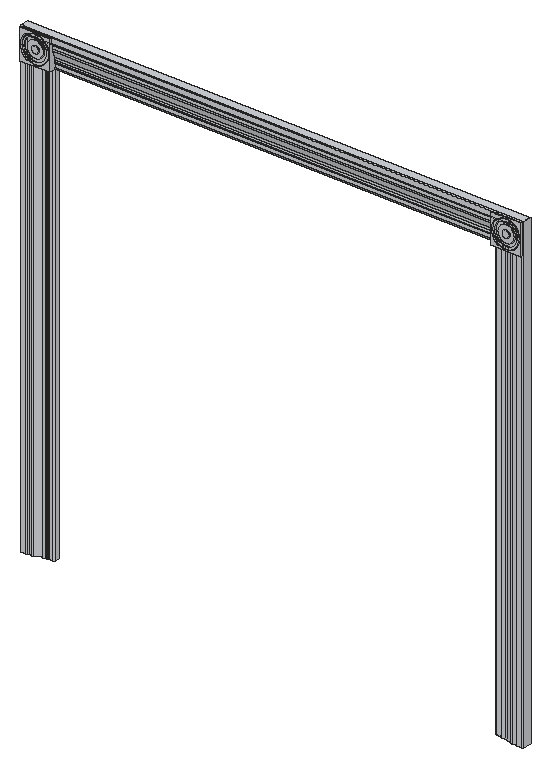
Revit family "Accessory_Casing_Dunbarton_Casing", category Generic Models, Revit 2026
Family settings
  Can host rebar = No
  Round Connector Dimension = Use Diameter
  Part Type = Normal
  Classification Number = 23.30.10.17.17
  Work Plane-Based = Yes
  Always vertical = No
  Cut with Voids When Loaded = No
  Maintain Annotation Orientation = No
  Shared = No
  Room Calculation Point = No
Parameters (values of type "Steel Colonial with Rosettes")
  Warranty Duration (Years) = 0
  Unit Width [instance] = 2' - 8"
  Unit Height [instance] = 2' - 8"
  URL = "https://dunbarton.com/"
  Steel Colonial = yes
  Steel = no
  Specification = "http://www.arcat.com/sd/clients95/redifram.html?coid=32085"
  SpecWizard = ""
  Send Message = ""
  Sales Information = "https://dunbarton.com/distributors"
  Revision = "R1_08-2016"
  Product Properties = "https://dunbarton.com/sample-page"
  Product Data = "http://www.arcat.com/arcatcos/cos9532/arc32085.html"
  Model = "Steel Colonial with Rosettes"
  Manufacturer Website = "https://dunbarton.com/"
  Manufacturer Phone - Toll Free = "800-633-7553"
  Manufacturer Phone = "334-794-0661"
  Manufacturer Fax = "334-793-7022"
  Manufacturer Address = "1101 Technology Dr.; Dothan;  AL 36303"
  Manufacturer = "Dunbarton Corporation"
  Maintenance Schedule (Months) = 0
  Keynote = "08 11 10"
  Installation-Fabrication = "https://dunbarton.com/resources/installation-videos"
  Installation Phase = ""
  Green Building-LEED = "http://www.arcat.com/green/clients95/leed_data_32085.html"
  Frame Finish [instance] = none
  Expected Lifespan (Years) = 0
  Drawn By = "Sumex Design, Inc. / Robert S. Weygant, CSI, CDT, SCIP"
  Description = "Dunbarton Casing - Steel Colonial with Rosettes as Specified"
  Default Elevation = 0' - 0"  # constant formula
  Copyright = "©Arcat Inc."
  Construction Details = ""
  Colonial Rosette = yes
  Assembly Code = "C1020100"
  Aluminum = no
Types (4): name | Steel Colonial | Steel | Model | Description | Colonial Rosette | Aluminum
  Aluminum | no | no | "Aluminum" | "Dunbarton Casing - Aluminum as Specified" | no | yes
  Steel | no | yes | "Steel" | "Dunbarton Casing - Steel as Specified" | no | no
  Steel Colonial | yes | no | "Steel Colonial" | "Dunbarton Casing - Steel Colonial as Specified" | no | no
  Steel Colonial with Rosettes | yes | no | "Steel Colonial with Rosettes" | "Dunbarton Casing - Steel Colonial with Rosettes as Specified" | yes | no
Reference planes
  plane 1 "Center (Front/Back)": y = 0
  plane 2 "Bottom": z = 0
  plane 3 "Center (Left/Right)": x = 0
  plane 4 "Left": x = -406.4
  plane 5 "Right": x = 406.4
  plane 6 "Top": z = 812.8
Forms (mm)
  Sweep 1, solid, material <- "Frame Finish", visible <- "Aluminum"
    path origin (0, 0, 0) x (1, 0, 0) y (0, 0, 1)
      loop
        line (-406.4, 0) -> (-406.4, 812.8) -> (406.4, 812.8) -> (406.4, 0)
    profile origin (-406.4, 0, 406.4) x (-1, 0, 0) y (0, -1, 0)
      loop
        line (0, 0) -> (38.1, 0) -> (38.1, 12.7) -> (0, 12.7) -> (0, 0)
  Sweep 2, solid, material <- "Frame Finish", visible <- "Steel"
    path origin (0, 0, 0) x (1, 0, 0) y (0, 0, 1)
      loop
        line (-406.4, 0) -> (-406.4, 812.8) -> (406.4, 812.8) -> (406.4, 0)
    profile origin (-406.4, 0, 406.4) x (-1, 0, 0) y (0, -1, 0)
      loop
        arc (0, 1.588) -> (0.465, 0.465) -> (1.587, 0) r 1.587
        line (1.587, 0) -> (34.925, 0)
        arc (34.925, 0) -> (36.048, 0.465) -> (36.512, 1.587) r 1.587
        line (36.512, 1.587) -> (36.512, 7.271)
        arc (36.512, 7.271) -> (36.091, 8.348) -> (35.052, 8.853) r 1.587
        arc (35.052, 8.853) -> (18.256, 9.525) -> (1.461, 8.853) r 210.344
        arc (1.461, 8.853) -> (0.421, 8.348) -> (0, 7.271) r 1.587
        line (0, 7.271) -> (0, 1.588)
  Sweep 3, solid, material <- "Frame Finish", visible <- "Steel Colonial"
    path origin (0, 0, 0) x (1, 0, 0) y (0, 0, 1)
      loop
        line (-406.4, 0) -> (-406.4, 812.8) -> (406.4, 812.8) -> (406.4, 0)
    profile origin (-406.4, 0, 406.4) x (-1, 0, 0) y (0, -1, 0)
      loop
        line (0, 0) -> (57.15, 0) -> (57.15, 15.875)
        arc (57.15, 15.875) -> (56.685, 16.998) -> (55.563, 17.462) r 1.587
        line (55.563, 17.462) -> (46.076, 17.462)
        arc (46.076, 17.462) -> (45.209, 17.212) -> (44.609, 16.537) r 1.626
        arc (44.609, 16.537) -> (44.154, 16.026) -> (43.497, 15.836) r 1.232
        line (43.497, 15.836) -> (36.653, 15.836)
        arc (36.653, 15.836) -> (34.949, 15.694) -> (33.291, 15.273) r 10.328
        line (33.291, 15.273) -> (22.128, 11.43)
        arc (22.128, 11.43) -> (19.94, 10.905) -> (17.693, 10.806) r 11.737
        line (17.693, 10.806) -> (13.84, 11.008)
        arc (13.84, 11.008) -> (12.991, 10.893) -> (12.244, 10.474) r 2.296
        line (12.244, 10.474) -> (11.634, 9.963)
        arc (11.634, 9.963) -> (11.071, 9.638) -> (10.431, 9.525) r 1.872
        line (10.431, 9.525) -> (3.175, 9.525)
        arc (3.175, 9.525) -> (0.93, 8.595) -> (0, 6.35) r 3.175
        line (0, 6.35) -> (0, 0)
  Extrusion 4, solid, material <- "Frame Finish", visible <- "Colonial Rosette"
    sketch origin (0, 0, 0) x (1, 0, 0) y (0, 0, 1)
      loop
        line (-461.963, 868.363) -> (-461.963, 812.8) -> (-406.4, 812.8) -> (-406.4, 868.363) -> (-461.963, 868.363)
      loop
        line (461.963, 868.363) -> (406.4, 868.363) -> (406.4, 812.8) -> (461.963, 812.8) -> (461.963, 868.363)
      loop
        circle (-434.109, 840.509) r 26.517
      loop
        circle (434.109, 840.509) r 26.517
      loop
        circle (-434.109, 840.509) r 6.299
      loop
        circle (434.109, 840.509) r 6.4
    from 17.462 to 19.66
  Extrusion 5, solid, material <- "Frame Finish", visible <- "Colonial Rosette"
    sketch origin (0, 0, 0) x (1, 0, 0) y (0, 0, 1)
      loop
        circle (-434.16, 840.56) r 24.264
      loop
        circle (-434.16, 840.56) r 20.997
      loop
        circle (-434.16, 840.56) r 14.848
      loop
        circle (434.16, 840.56) r 24.264
      loop
        circle (434.16, 840.56) r 20.997
      loop
        circle (434.16, 840.56) r 14.848
      loop
        circle (434.109, 840.509) r 6.4
      loop
        circle (-434.109, 840.509) r 6.299
    from 17.463 to 19.05
  Extrusion 6, solid, material <- "Frame Finish", visible <- "Colonial Rosette"
    sketch origin (0, 0, 0) x (1, 0, 0) y (0, 0, 1)
      loop
        line (-461.963, 868.363) -> (-461.963, 812.8) -> (-406.4, 812.8) -> (-406.4, 868.363) -> (-461.963, 868.363)
      loop
        line (461.963, 868.363) -> (406.4, 868.363) -> (406.4, 812.8) -> (461.963, 812.8) -> (461.963, 868.363)
    from 0 to 17.462
Cuts and joins
  joined: Extrusion 4, Extrusion 5, Extrusion 6
Dimensions and locks
  equal spacing: plane 4 "Left", plane 3 "Center (Left/Right)", plane 5 "Right"
  "Unit Width": plane 4 "Left" to plane 5 "Right"
  "Unit Height": plane 6 "Top" to level
  aligned and locked: plane 4 "Left" to Sweep 1 sketch curve
  aligned and locked: Sweep 1 sketch curve to plane 6 "Top"
  aligned and locked: Sweep 1 sketch curve to plane 5 "Right"
  aligned and locked: Sweep 2 sketch curve to plane 5 "Right"
  aligned and locked: plane 4 "Left" to Sweep 2 sketch curve
  aligned and locked: Sweep 2 sketch curve to plane 6 "Top"
  aligned and locked: plane 4 "Left" to Sweep 3 sketch curve
  aligned and locked: Sweep 3 sketch curve to plane 5 "Right"
  aligned and locked: Sweep 3 sketch curve to plane 6 "Top"
Automatic sketch dimensions
  Sweep 1 sketch curve to level = 0' - 0"  (x2)
  Sweep 1 sketch curve to profile plane = 0' - 0"
  plane 1 "Center (Front/Back)" to Sweep 1 sketch curve = 0' - 0"
  Sweep 1 sketch curve to profile plane = 0' - 1 1/2"
  plane 1 "Center (Front/Back)" to Sweep 1 sketch curve = 0' - 0 1/2"
  Sweep 2 sketch curve to level = 0' - 0"  (x2)
  Sweep 2 sketch curve to profile plane = 0' - 0"
  plane 1 "Center (Front/Back)" to Sweep 2 sketch curve = 0' - 0"
  Sweep 2 sketch curve to profile plane = 0' - 0.05751"
  Sweep 2 sketch curve to Sweep 2 sketch curve = 0' - 0"  (x3)
  Sweep 2 sketch curve to profile plane = 0' - 0 1/16"  (x2)
  Sweep 2 sketch curve to profile plane = 0' - 0 23/32"
  Sweep 2 sketch curve to Sweep 2 sketch curve = 0' - 1 5/16"
  Sweep 2 sketch curve to Sweep 2 sketch curve = 0' - 0.00499"
  Sweep 2 sketch curve to plane 1 "Center (Front/Back)" = 0' - 7 29/32"
  Sweep 3 sketch curve to level = 0' - 0"  (x2)
  plane 1 "Center (Front/Back)" to Sweep 3 sketch curve = 0' - 0"
  Sweep 3 sketch curve to profile plane = 0' - 0"
  Sweep 3 sketch curve to profile plane = 0' - 0 1/8"
  Sweep 3 sketch curve to Sweep 3 sketch curve = 0' - 0.28568"
  Sweep 3 sketch curve to Sweep 3 sketch curve = 0' - 0.04737"
  Sweep 3 sketch curve to Sweep 3 sketch curve = 0' - 0.02399"
  Sweep 3 sketch curve to Sweep 3 sketch curve = 0' - 0.05811"
  Sweep 3 sketch curve to Sweep 3 sketch curve = 0' - 0.06284"
  Sweep 3 sketch curve to Sweep 3 sketch curve = 0' - 0.15168"
  Sweep 3 sketch curve to Sweep 3 sketch curve = 0' - 0.02418"
  Sweep 3 sketch curve to Sweep 3 sketch curve = 0' - 0.17462"
  Sweep 3 sketch curve to Sweep 3 sketch curve = 0' - 0.43948"
  Sweep 3 sketch curve to Sweep 3 sketch curve = 0' - 0.13238"
  Sweep 3 sketch curve to Sweep 3 sketch curve = 0' - 0.26943"
  Sweep 3 sketch curve to Sweep 3 sketch curve = 0' - 0.04378"
  Sweep 3 sketch curve to Sweep 3 sketch curve = 0' - 0"  (x2)
  Sweep 3 sketch curve to Sweep 3 sketch curve = 0' - 0.05778"
  Sweep 3 sketch curve to Sweep 3 sketch curve = 0' - 0.37347"
  Sweep 3 sketch curve to Sweep 3 sketch curve = 0' - 0 1/16"
  plane 1 "Center (Front/Back)" to Sweep 3 sketch curve = 0' - 0.21686"
  Sweep 3 sketch curve to Sweep 3 sketch curve = 0' - 0 1/4"
  Sweep 3 sketch curve to Sweep 3 sketch curve = 0' - 0.03188"
  Sweep 3 sketch curve to Sweep 3 sketch curve = 0' - 0.01724"
  Sweep 3 sketch curve to Sweep 3 sketch curve = 0' - 0.02013"
  Sweep 3 sketch curve to Sweep 3 sketch curve = 0' - 0.00795"
  Sweep 3 sketch curve to Sweep 3 sketch curve = 0' - 0.02454"
  Sweep 3 sketch curve to Sweep 3 sketch curve = 0' - 0.38446"
  Extrusion 5 sketch curve to Extrusion 5 sketch curve = 0' - 0"  (x10)
  Extrusion 5 sketch curve to plane 4 "Left" = 0' - 1.09291"
  plane 5 "Right" to Extrusion 5 sketch curve = 0' - 1.09291"
  plane 6 "Top" to Extrusion 5 sketch curve = 0' - 1.09291"  (x2)
  Extrusion 6 sketch curve to plane 6 "Top" = 0' - 0"  (x2)
  Extrusion 6 sketch curve to plane 4 "Left" = 0' - 0"
  Extrusion 6 sketch curve to plane 5 "Right" = 0' - 0"
  Extrusion 6 sketch curve to Extrusion 6 sketch curve = 0' - 2 3/16"
  plane 5 "Right" to Extrusion 6 sketch curve = 0' - 2 3/16"
  plane 6 "Top" to Extrusion 6 sketch curve = 0' - 2 3/16"  (x2)
  Extrusion 4 sketch curve to Extrusion 4 sketch curve = 0' - 0"  (x4)
  Extrusion 4 sketch curve to plane 6 "Top" = 0' - 0"  (x2)
  Extrusion 4 sketch curve to plane 4 "Left" = 0' - 0"
  Extrusion 4 sketch curve to plane 5 "Right" = 0' - 0"
  Extrusion 4 sketch curve to plane 4 "Left" = 0' - 1.09092"
  Extrusion 4 sketch curve to Extrusion 4 sketch curve = 0' - 1.09658"  (x4)
  plane 5 "Right" to Extrusion 4 sketch curve = 0' - 1.09092"
  plane 6 "Top" to Extrusion 4 sketch curve = 0' - 1.09092"  (x2)
  Extrusion 5 sketch curve to Extrusion 5 sketch curve = 0' - 0.25396"
  Extrusion 5 sketch curve to Extrusion 5 sketch curve = 0' - 0.00198"  (x4)
  Extrusion 5 sketch curve to Extrusion 5 sketch curve = 0' - 0.24603"
  radius of Extrusion 5 sketch curve = 0' - 0.95527"  (x2)
  radius of Extrusion 5 sketch curve = 0' - 0.82666"  (x2)
  radius of Extrusion 5 sketch curve = 0' - 0.58455"  (x2)
  radius of Extrusion 4 sketch curve = 0' - 1.04399"  (x2)
  radius of Extrusion 4 sketch curve = 0' - 0.24801"
  radius of Extrusion 4 sketch curve = 0' - 0.25197"
